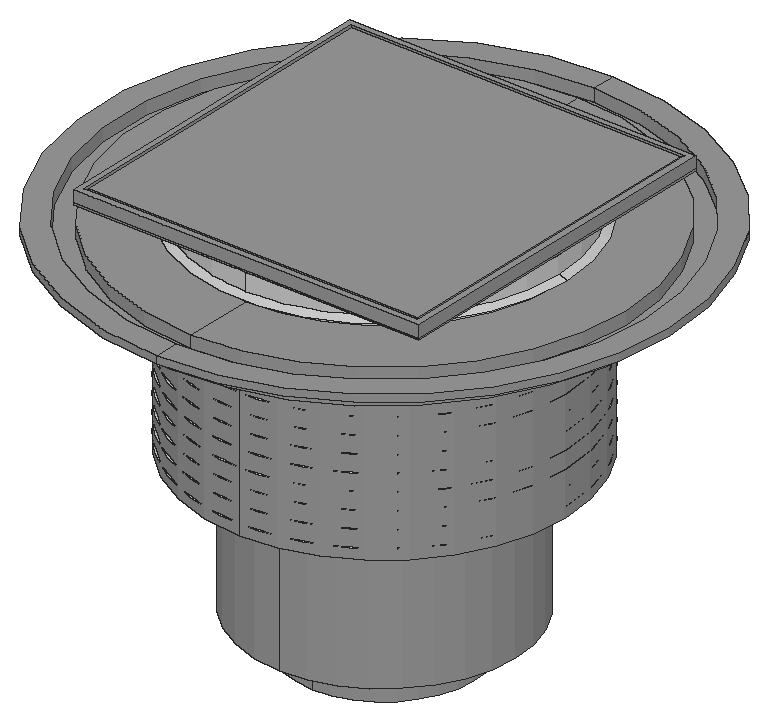
Revit family "HL_Трап для внутренних помещений_HL3100Pr", category Instalační zařizovací předměty, Revit 2016
Family settings
  Typ součásti = Normální
  Kóta kulaté spojky = Použít průměr
  Číslo OmniClass = 23.70.50.21.24.14
  Nadpis OmniClass = Deck Waste Water Drains
  Založené na pracovní rovině = Ne
  Vždy vertikální = Ano
  Ořezat dutým tvarem při načtení = Ne
  Sdílené = Ano
  Bod výpočtu místnosti = Ano
Parameters (values of type "HL3100Pr")
  РЕШЁТКА = "138 x 138 mm / V2A"
  РАЗМЕР = "DN50/75/110"
  ПРОПУСКНАЯ СПОСОБНОСТЬ = 0.8 L/s
  ПРОИЗВОДИТЕЛЬНОСТЬ = "0,8 l/s"
  ПРАВОВАЯ ИНФОРМАЦИЯ = "Авторские права(©), права на дизайн или какие либо другие права интелектуальной собственности являются исключительной собственностью компании HL Hutterer & Lechner. Изменению не подлежит. Файл семейства с данными о прозводителе изделия защищен паролем с водяным знаком."  # constant formula
  НОМИНАЛЬНЫЙ ДИАМЕТР [instance] = 50 mm
  НАСАДКА = "8-80 mm / 145 x 145 mm / PP-V4A"
  МАТЕРИАЛ = "PE"
  МАКСИМАЛЬНАЯ НАГРУЗКА КЛАССА = "K3 - 300kg"
  ВЫСОТА МОНТАЖА = "170mm"
  ВЕС = "1,07 [kg]"
  Připojení ventilace = no
  Výrobce = "HL Hutterer & Lechner GmbH"  # constant formula
  URL = "http://www.hutterer-lechner.com/ru/products/catalog/floor-drains/attachments/HL3100pr.aspx"
  Připojení odpadu = yes
  Připojení HW = no
  Popis = "Трапы для внутренних помещений"
  Model = "HL3100Pr"
  Komentáře k typům = "HL3100Pr Трап для внутренних помещений DN50/75/110 вертикальный с \"СУХИМ\" сифоном Primus, 145x145 мм система крепления решётки Klick-Klack/138x138 мм"
  Keynote = "HL3100Pr"
  Высота монтажа [instance] = 177.746 mm
  EAN = "9003076025435"
  DN_test [instance] = if(or(НОМИНАЛЬНЫЙ ДИАМЕТР = 50 mm, НОМИНАЛЬНЫЙ ДИАМЕТР = 75 mm, НОМИНАЛЬНЫЙ ДИАМЕТР = 110 mm), 30 mm, 0 mm)  # 30 mm
  Připojení CW = no
  B [instance] = if(НОМИНАЛЬНЫЙ ДИАМЕТР = 110 mm, Высота монтажа - 14.8 mm, Высота монтажа)  # 177.746 mm
  A [instance] = if(B - 100 mm > 15 mm, B - 100 mm, 15 mm)  # 77.746 mm
Reference planes
  plane 1 "Center (Front/Back)": y = 0
  plane 2: z = 0
  plane 3 "Center (Left/Right)": x = 0
  plane 4 "Ball Joint Vertical": x = 25.45
  plane 5: z = -177.746
  plane 6: z = -177.746
Lines and regions (mm)
  model lines, style "InvisibleLines"
    curve 1: line (0, 0, 0) -> (0, 0, 1000)
  reference lines
    curve 2: line (0, 0, 0) -> (0, 0, -177.746)
  model lines, detail levels coarse+medium
    curve 3: line (0, 0, -177.746) -> (0, 0, -100)
    curve 4: line (0, 0, -100) -> (100, 0, 0)
    curve 5: line (0, 0, -100) -> (-100, 0, 0)
  symbolic lines, detail levels coarse+medium
    curve 6: line (-75, 75, 0) -> (75, 75, 0)
    curve 7: line (-75, -75, 0) -> (-75, 75, 0)
    curve 8: line (75, -75, 0) -> (-75, -75, 0)
    curve 9: line (75, 75, 0) -> (75, -75, 0)
    curve 10: line (75, 75, 0) -> (145.711, 145.711, 0)
    curve 11: line (75, -75, 0) -> (145.711, -145.711, 0)
    curve 12: line (-75, 75, 0) -> (-145.711, 145.711, 0)
    curve 13: line (-75, -75, 0) -> (-145.711, -145.711, 0)
  symbolic lines, not visible, detail levels coarse+medium
    curve 14: line (-75, 75, 0) -> (75, 75, 0)
    curve 15: line (-75, -75, 0) -> (-75, 75, 0)
    curve 16: line (75, -75, 0) -> (-75, -75, 0)
    curve 17: line (75, 75, 0) -> (75, -75, 0)
    curve 18: line (75, 75, 0) -> (145.711, 145.711, 0)
    curve 19: line (75, -75, 0) -> (145.711, -145.711, 0)
    curve 20: line (-75, 75, 0) -> (-145.711, 145.711, 0)
    curve 21: line (-75, -75, 0) -> (-145.711, -145.711, 0)
  symbolic lines, style "InvisibleLines", not visible
    curve 22: line (0, 0, 0) -> (0, 0, -30)
Text (mm)
  text "FLOOR" at (-201.938, 0, -16.676), in view "Drain Construction View"
Dimensions and locks
  locked: plane 4 "Ball Joint Vertical" to plane 3 "Center (Left/Right)" at 25.45
  "Высота монтажа": plane 2 to plane 5
  "A": curve 5 to plane 6
  "B": curve 5 to plane 6
  "B": curve 4 to plane 6
  "B": plane 2 to plane 6
  "DN_test": curve 22 to curve 22
  locked: curve 4 to plane 3 "Center (Left/Right)" (angle 45.00°)
  locked: plane 3 "Center (Left/Right)" to curve 5 (angle 45.00°)
  aligned and locked: level to plane 2
  aligned and locked: plane 2 to curve 1
  aligned and locked: plane 3 "Center (Left/Right)" to curve 1
  aligned and locked: plane 3 "Center (Left/Right)" to curve 2
  aligned and locked: plane 3 "Center (Left/Right)" to curve 3
  aligned and locked: plane 3 "Center (Left/Right)" to curve 5
  aligned and locked: nested 2 to plane 5
  aligned and locked: plane 2 to curve 2
  aligned and locked: plane 6 to curve 2
Automatic sketch dimensions
  curve 3 to plane 5 = 0 mm
  level to curve 1 = 1000 mm
Nested families
  nested 1: "HL_Насадная деталь_HL03910.2E" at (0, 0, 0), type "HL03910.2E_Main Component"
    with Высота монтажа 80 mm, RN 13, RL 84.5 mm, R yes, NL_Test yes, NL 100 mm
  nested 2: "HL_Корпус для трапа внутренних помещений_HL3100K" at (0, 0, -16.339), type "HL3100K_Main Component"
  nested 3: "HL_Вкладыш сифона_HL2100" at (0, 0, -5), type "HL2100_Main Component"
  nested 4: "HL_Решётка_HL03910.1E" at (0, 0, 0), type "HL03910.1E_Main Component"
Connectors
  piping at (0, 0, -177.746), diameter 50, driven by "ПРОПУСКНАЯ СПОСОБНОСТЬ", driven by "НОМИНАЛЬНЫЙ ДИАМЕТР"
    settings: on curve 2, index 1, connector inside diameter 609.6 mm, connector length 0 mm, flow factor 0, pipe flow 0.8 L/s, pressure drop 0.0 Pa, fitting loss kfactor 0, connector angle 0.00°, fixture units 0, engagement length 0 mm, angle of deflection 0.00°, flow configuration 1, flow direction 2, fitting loss method 0, system type 16, joint type 0, gender type 0, connector reference index -1, connector utility 0, adjustable connector no, is connector primary yes, connector description ""
Definition of nested family "HL_Насадная деталь_HL03910.2E"
  Parameters (values of type "HL03910.2E")
    РАЗМЕР = "d 146 mm"
    ПРАВОВАЯ ИНФОРМАЦИЯ = "Авторские права(©), права на дизайн или какие либо другие права интелектуальной собственности являются исключительной собственностью компании HL Hutterer & Lechner. Изменению не подлежит. Файл семейства с данными о прозводителе изделия защищен паролем с водяным знаком."  # constant formula
    НАСАДКА = "145 x 145 mm"
    МАТЕРИАЛ = "PP-V4A"
    Высота монтажа [instance] = 80 mm
    ВЫСОТА МОНТАЖА = "8 - 80 mm"
    ВЕС = "0,25 [kg]"
    Waste Connection = yes
    Vent Connection = no
    RD = 6.5 mm  # constant formula
    R [instance] = ((Высота монтажа - NL_Min) / RD - 1) > 2  # yes
    RL [instance] = if(Высота монтажа < 15 mm, 1 mm, RD * RN)  # 84.5 mm
    NL_Test [instance] = and(or(Высота монтажа < NL_Max, Высота монтажа = NL_Max), or(Высота монтажа > NL_Min, Высота монтажа = NL_Min))  # yes
    NL_Min = 8 mm
    NL_Max = 80 mm
    NL [instance] = if(NL_Test, Высота монтажа + 20 mm, 0 mm)  # 100 mm
    RN [instance] = if((Высота монтажа + 20 mm - NL_Min) / RD - 1 < 2, 2, (Высота монтажа + 20 mm - NL_Min) / RD - 1)  # 13
    Manufacturer = "HL Hutterer & Lechner GmbH"  # constant formula
    URL = "http://www.hutterer-lechner.com/ru/products/catalog/floor-drains/attachments/HL03910.2e.aspx"
    HW Connection = no
    Description = "Трапы для внутренних помещений - Комплектующие"
    Model = "HL03910.2E"
    Type Comments = "HL03910.2E Насадной подрамник ? 146 мм/подрамники из нержавеющей стали 145х145 мм с уплотнительным кольцом. Система крепления Klick-Klack"
    Keynote = "HL03910.2E"
    EAN = "9003076025626"
    CW Connection = no
  Reference planes
    plane 1 "Center (Front/Back)": y = 0
    plane 2: z = 0
    plane 3 "Center (Left/Right)": x = 0
    plane 4 "Ball Joint Vertical": x = 25.45
    plane 5: z = -100
  Forms (mm)
    Revolve 1, solid, detail levels fine
      sketch origin (0, 0, 0) x (0, 1, 0) y (0, 0, 1)
        loop
          line (72.9, -100) -> (72.9, -5.7) -> (67.492, -5.7) -> (67.492, -100) -> (72.9, -100)
        axis (0, -5.7) -> (0, -100)
      angle from 0 to 360
    Extrusion 2, solid, detail levels fine
      sketch origin (0, 0, 0) x (1, 0, 0) y (0, 1, 0)
        loop
          circle (0, 0) r 67.492
        loop
          line (-72.5, 72.5) -> (-72.5, -72.5) -> (72.5, -72.5) -> (72.5, 72.5) -> (-72.5, 72.5)
      from -5 to -5.7
    Sweep 3, solid, detail levels fine
      path origin (0, 0, 0) x (1, 0, 0) y (0, 1, 0)
        loop
          line (-72.5, 72.5) -> (-72.5, -72.5) -> (72.5, -72.5) -> (72.5, 72.5) -> (-72.5, 72.5)
      profile origin (0, 72.5, 0) x (0, 1, 0) y (0, 0, 1)
        loop
          line (0, 0) -> (-2.5, 0) -> (-2.5, -5) -> (0, -5) -> (0, 0)
  Lines and regions (mm)
    symbolic lines
      curve 1: line (0, 0, -100) -> (0, 0, 0)
  Text (mm)
    text "ROOF/FLOOR" at (-198.233, 0, -26.556), in view "Drain Construction View"
  Dimensions and locks
    locked: plane 4 "Ball Joint Vertical" to plane 3 "Center (Left/Right)" at 25.45
    "NL": plane 2 to plane 5
    equal spacing: group 1, group 3, group 4, group 5, group 6, group 7, group 8, group 9, group 10, group 11, group 12, group 13, group 2  (x3)
    "RL": nested 2 to nested 1
    locked: nested 1 to plane 5 at 1.516
    aligned and locked: level to plane 2
    aligned and locked: plane 3 "Center (Left/Right)" to nested 1
    aligned and locked: plane 1 "Center (Front/Back)" to nested 1
    aligned and locked: plane 2 to curve 1
    aligned and locked: plane 5 to curve 1
    aligned and locked: plane 5 to Revolve 1
  Automatic sketch dimensions
    curve 1 to plane 4 "Ball Joint Vertical" = 25.45 mm
    Revolve 1 sketch curve to plane 1 "Center (Front/Back)" = 0 mm
    Revolve 1 sketch curve to level = 5.7 mm
    Revolve 1 sketch curve to plane 1 "Center (Front/Back)" = 67.492 mm
    Revolve 1 sketch curve to plane 5 = 0 mm
    Revolve 1 sketch curve to Revolve 1 sketch curve = 445.992 mm
    level to Revolve 1 sketch curve = 2741.474 mm
    Extrusion 2 sketch curve to Extrusion 2 sketch curve = 0 mm  (x2)
    plane 1 "Center (Front/Back)" to Extrusion 2 sketch curve = 0 mm
    Extrusion 2 sketch curve to plane 3 "Center (Left/Right)" = 0 mm
    Extrusion 2 sketch curve to plane 3 "Center (Left/Right)" = 72.5 mm
    plane 4 "Ball Joint Vertical" to Extrusion 2 sketch curve = 47.05 mm
    plane 1 "Center (Front/Back)" to Extrusion 2 sketch curve = 72.5 mm
    Extrusion 2 sketch curve to plane 1 "Center (Front/Back)" = 72.5 mm
    plane 1 "Center (Front/Back)" to Extrusion 2 sketch curve = 67.492 mm
    Sweep 3 sketch curve to plane 3 "Center (Left/Right)" = 72.5 mm
    plane 4 "Ball Joint Vertical" to Sweep 3 sketch curve = 47.05 mm
    plane 1 "Center (Front/Back)" to Sweep 3 sketch curve = 72.5 mm
    Sweep 3 sketch curve to plane 1 "Center (Front/Back)" = 72.5 mm
    Sweep 3 sketch curve to profile plane = 0 mm  (x2)
    profile plane to Sweep 3 sketch curve = 2.5 mm
    Sweep 3 sketch curve to profile plane = 5 mm
    Revolve 1 sketch curve to Revolve 1 sketch curve = 5.408 mm
  Nested families
    nested 1: "Ring" at (0, 0, -98.484), visible <- "R", type "Ring"
      with R 72.9 mm, D 145.8 mm
    nested 2: "Ring" at (0, 0, -13.984), visible <- "R", type "Ring"
      with R 72.9 mm, D 145.8 mm
    nested 3: "Ring" at (0, 0, -91.442), visible <- "R", type "Ring"
      with R 72.9 mm, D 145.8 mm
    nested 4: "Ring" at (0, 0, -84.401), visible <- "R", type "Ring"
      with R 72.9 mm, D 145.8 mm
    nested 5: "Ring" at (0, 0, -77.359), visible <- "R", type "Ring"
      with R 72.9 mm, D 145.8 mm
    nested 6: "Ring" at (0, 0, -70.317), visible <- "R", type "Ring"
      with R 72.9 mm, D 145.8 mm
    nested 7: "Ring" at (0, 0, -63.276), visible <- "R", type "Ring"
      with R 72.9 mm, D 145.8 mm
    nested 8: "Ring" at (0, 0, -56.234), visible <- "R", type "Ring"
      with R 72.9 mm, D 145.8 mm
    nested 9: "Ring" at (0, 0, -49.192), visible <- "R", type "Ring"
      with R 72.9 mm, D 145.8 mm
    nested 10: "Ring" at (0, 0, -42.151), visible <- "R", type "Ring"
      with R 72.9 mm, D 145.8 mm
    nested 11: "Ring" at (0, 0, -35.109), visible <- "R", type "Ring"
      with R 72.9 mm, D 145.8 mm
    nested 12: "Ring" at (0, 0, -28.067), visible <- "R", type "Ring"
      with R 72.9 mm, D 145.8 mm
    nested 13: "Ring" at (0, 0, -21.026), visible <- "R", type "Ring"
      with R 72.9 mm, D 145.8 mm
  Definition of nested family "Ring"
    Parameters (values of type "Ring")
      Manufacturer = ""
      URL = ""
      R = D / 2  # 51.5 mm
      Description = ""
      Model = ""
      Material = none
      Type Comments = ""
      D = 103 mm
      Cost = 0
    Reference planes
      plane 1 "Střed (vpředu/vzadu)": y = 0
      plane 2: z = 0
      plane 3 "Střed (vlevo/vpravo)": x = 0
    Forms (mm)
      Revolve 1, solid, material <- "Material", detail levels fine
        sketch origin (0, 0, 0) x (1, 0, 0) y (0, 0, 1)
          loop
            line (-51.5, 1.482) -> (-54.764, 0) -> (-51.5, -1.516) -> (-51.5, 1.482)
          axis (0, 1.482) -> (0, -1.516)
        angle from 0 to 360
    Dimensions and locks
      "R": Revolve 1 sketch curve to plane 3 "Střed (vlevo/vpravo)"
      aligned and locked: level to plane 2
      aligned and locked: Revolve 1 sketch curve to plane 3 "Střed (vlevo/vpravo)"
    Automatic sketch dimensions
      Revolve 1 sketch curve to level = 0 mm
      Revolve 1 sketch curve to Revolve 1 sketch curve = 3.264 mm
      Revolve 1 sketch curve to level = 1.516 mm
      level to Revolve 1 sketch curve = 1.482 mm
      Revolve 1 sketch curve to level = 381 mm
      Revolve 1 sketch curve to Revolve 1 sketch curve = 2212.833 mm
Definition of nested family "HL_Корпус для трапа внутренних помещений_HL3100K"
  Parameters (values of type "HL3100K")
    РАЗМЕР = "DN50/75/110"
    ПРАВОВАЯ ИНФОРМАЦИЯ = "Авторские права(©), права на дизайн или какие либо другие права интелектуальной собственности являются исключительной собственностью компании HL Hutterer & Lechner. Изменению не подлежит. Файл семейства с данными о прозводителе изделия защищен паролем с водяным знаком."  # constant formula
    МАТЕРИАЛ = "PE"
    ВЫСОТА МОНТАЖА = "162 mm"
    ВЕС = "0,45 [kg]"
    Waste Connection = yes
    Vent Connection = no
    Manufacturer = "HL Hutterer & Lechner GmbH"  # constant formula
    URL = "http://www.hutterer-lechner.com/ru/products/catalog/floor-drains/attachments/HL3100k.aspx"
    HW Connection = no
    Description = "Трапы для внутренних помещений - Комплектующие"
    Model = "HL3100K"
    Type Comments = "HL3100K Корпус для трапа внутренних помещений DN50/75/110 вертикальный"
    Keynote = "HL3100K"
    EAN = "9003076025510"
    CW Connection = no
  Reference planes
    plane 1 "Center (Front/Back)": y = 0
    plane 2: z = 0
    plane 3 "Center (Left/Right)": x = 0
    plane 4 "Ball Joint Vertical": x = 25.45
  Forms (mm)
    Revolve 1, solid, detail levels fine
      sketch origin (0, 0, 0) x (0, 1, 0) y (0, 0, 1)
        loop
          line (119.5, 0) -> (109.5, 0) -> (109.5, -5.224) -> (101.35, -5.224) -> (101.35, 0) -> (72.99, 0) -> (72.99, -83.661) -> (52.566, -83.661) -> (37.468, -103.337) -> (22, -103.337) -> (22, -161.407) -> (25, -161.407) -> (25, -106.289) -> (34.5, -106.289) -> (34.5, -161.407) -> (37.5, -161.407) -> (37.5, -108.224) -> (52, -89.327) -> (52, -146.644) -> (55, -146.644) -> (55, -86.614) -> (76, -86.614) -> (76, -8.177) -> (112.402, -8.177) -> (112.402, -3.004) -> (119.5, -3.004) -> (119.5, 0)
        axis (0, 0) -> (0, -161.407)
      angle from 0 to 360
  Text (mm)
    text "ROOF/FLOOR" at (-198.233, 0, -26.556), in view "Drain Construction View"
  Dimensions and locks
    locked: plane 4 "Ball Joint Vertical" to plane 3 "Center (Left/Right)" at 25.45
    aligned and locked: level to plane 2
Definition of nested family "HL_Вкладыш сифона_HL2100"
  Parameters (values of type "HL2100")
    ПРАВОВАЯ ИНФОРМАЦИЯ = "Авторские права(©), права на дизайн или какие либо другие права интелектуальной собственности являются исключительной собственностью компании HL Hutterer & Lechner. Изменению не подлежит. Файл семейства с данными о прозводителе изделия защищен паролем с водяным знаком."  # constant formula
    МАТЕРИАЛ = "PP/ABS"
    ВЕС = "0,18 [kg]"
    Waste Connection = yes
    Vent Connection = no
    Manufacturer = "HL Hutterer & Lechner GmbH"  # constant formula
    URL = "http://www.hutterer-lechner.com/ru/products/catalog/floor-drains/attachments/HL2100.aspx"
    HW Connection = no
    Description = "Трапы для внутренних помещений - Комплектующие"
    Model = "HL2100"
    Type Comments = "HL2100 \"СУХОЙ\" сифон Primus для HL3100Pr и HL5100Pr"
    Keynote = "HL2100"
    EAN = "9003076025619"
    CW Connection = no
  Reference planes
    plane 1 "Center (Front/Back)": y = 0
    plane 2: z = 0
    plane 3 "Center (Left/Right)": x = 0
    plane 4 "Ball Joint Vertical": x = 25.45
  Forms (mm)
    Revolve 1, solid, detail levels fine
      sketch origin (0, 0, 0) x (0, 1, 0) y (0, 0, 1)
        loop
          line (63.897, -81) -> (63.897, -15) -> (66.997, -14.729) -> (66.997, -2) -> (69.571, -2) -> (69.571, 0) -> (61.997, 0) -> (61.997, -79) -> (22.497, -79) -> (22.497, -26) -> (20.497, -26) -> (20.497, -81) -> (63.897, -81)
        axis (0, 0) -> (0, -81)
      angle from 0 to 360
    Revolve 2, solid, detail levels fine
      sketch origin (0, 0, 0) x (0, 1, 0) y (0, 0, 1)
        loop
          arc (66.997, -11.181) -> (68.413, -9.26) -> (66.997, -7.34) r 2.01
          line (66.997, -7.34) -> (66.997, -11.181)
        axis (0, -7.34) -> (0, -11.181)
      angle from 0 to 360
    Revolve 3, solid, detail levels fine
      sketch origin (0, 0, 0) x (0, 1, 0) y (0, 0, 1)
        loop
          line (54.95, -24.5) -> (0, -24.5) -> (0, -26) -> (31.3, -26) -> (31.3, -79) -> (54.95, -79) -> (54.95, -24.5)
        axis (0, -24.5) -> (0, -79)
      angle from 0 to 360
    Extrusion 4, solid, detail levels fine
      sketch origin (0, 0, 0) x (1, 0, 0) y (0, 1, 0)
        loop
          line (15.556, 25.173) -> (25.173, 15.556) -> (29.698, 20.082) -> (20.082, 29.698) -> (15.556, 25.173)
        loop
          line (-15.556, -25.173) -> (-25.173, -15.556) -> (-29.698, -20.082) -> (-20.082, -29.698) -> (-15.556, -25.173)
      from -79 to -90
    Extrusion 5, solid, detail levels fine
      sketch origin (0, 0, 0) x (1, 0, 0) y (0, 1, 0)
        loop
          circle (0, 0) r 35.851
      from -92 to -90
  Cuts and joins
    joined: Revolve 1, Extrusion 4, Extrusion 5
  Text (mm)
    text "ROOF/FLOOR" at (-198.233, 0, -26.556), in view "Drain Construction View"
  Dimensions and locks
    locked: plane 4 "Ball Joint Vertical" to plane 3 "Center (Left/Right)" at 25.45
    aligned and locked: level to plane 2
Definition of nested family "HL_Решётка_HL03910.1E"
  Parameters (values of type "HL03910.1E")
    РАЗМЕР = "138x138mm"
    ПРАВОВАЯ ИНФОРМАЦИЯ = "Авторские права(©), права на дизайн или какие либо другие права интелектуальной собственности являются исключительной собственностью компании HL Hutterer & Lechner. Изменению не подлежит. Файл семейства с данными о прозводителе изделия защищен паролем с водяным знаком."  # constant formula
    МАКСИМАЛЬНАЯ НАГРУЗКА КЛАССА = "K3 - 300 kg"
    ВЕС = "0,22 [kg]"
    Waste Connection = yes
    Vent Connection = no
    Manufacturer = "HL Hutterer & Lechner GmbH"  # constant formula
    URL = "http://www.hutterer-lechner.com/ru/Products/catalog/floor-drains/attachments/HL03910.1E.aspx"
    HW Connection = no
    Description = "Трапы для внутренних помещений - Комплектующие"
    Model = "HL03910.1E"
    Type Comments = "HL03910.1E Решётка из нержавеющей стали 138х138 мм"
    Keynote = "HL03910.1E"
    EAN = "9003076025633"
    CW Connection = no
  Reference planes
    plane 1 "Center (Front/Back)": y = 0
    plane 2: z = 0
    plane 3 "Center (Left/Right)": x = 0
    plane 4 "Ball Joint Vertical": x = 25.45
  Forms (mm)
    Extrusion 1, solid, detail levels fine
      sketch origin (0, 0, 0) x (1, 0, 0) y (0, 1, 0)
        loop
          line (-69, 69) -> (-69, -69) -> (69, -69) -> (69, 69) -> (-69, 69)
      from 0 to -5
  Lines and regions (mm)
    model lines, detail levels fine
      curve 1: arc (30.966, 53.713, 0) -> (0, 62, 0) -> (-30.966, 53.713, 0) r 62
      curve 2: arc (26.97, 46.783, 0) -> (0, 54, 0) -> (-26.97, 46.783, 0) r 54
      curve 3: arc (-19.637, 37.127, 0) -> (0, 42, 0) -> (19.637, 37.127, 0) r 42
      curve 4: arc (-15.897, 30.055, 0) -> (0, 34, 0) -> (15.897, 30.055, 0) r 34
      curve 5: arc (15.897, 30.055, 0) -> (21.303, 31.72, 0) -> (19.637, 37.127, 0) r 4
      curve 6: arc (-15.897, 30.055, 0) -> (-21.303, 31.72, 0) -> (-19.637, 37.127, 0) r 4
      curve 7: arc (-30.966, 53.713, 0) -> (-32.433, 48.25, 0) -> (-26.97, 46.783, 0) r 4
      curve 8: arc (26.97, 46.783, 0) -> (32.433, 48.25, 0) -> (30.966, 53.713, 0) r 4
      curve 9: arc (53.713, 30.966, 0) -> (62, 0, 0) -> (53.713, -30.966, 0) r 62
      curve 10: arc (46.783, 26.97, 0) -> (54, 0, 0) -> (46.783, -26.97, 0) r 54
      curve 11: arc (46.783, 26.97, 0) -> (48.25, 32.433, 0) -> (53.713, 30.966, 0) r 4
      curve 12: arc (53.713, -30.966, 0) -> (48.25, -32.433, 0) -> (46.783, -26.97, 0) r 4
      curve 13: arc (37.127, -19.637, 0) -> (42, 0, 0) -> (37.127, 19.637, 0) r 42
      curve 14: arc (30.055, -15.897, 0) -> (34, 0, 0) -> (30.055, 15.897, 0) r 34
      curve 15: arc (30.055, 15.897, 0) -> (31.72, 21.303, 0) -> (37.127, 19.637, 0) r 4
      curve 16: arc (30.055, -15.897, 0) -> (31.72, -21.303, 0) -> (37.127, -19.637, 0) r 4
      curve 17: arc (15.897, -30.055, 0) -> (0, -34, 0) -> (-15.897, -30.055, 0) r 34
      curve 18: arc (19.637, -37.127, 0) -> (0, -42, 0) -> (-19.637, -37.127, 0) r 42
      curve 19: arc (15.897, -30.055, 0) -> (21.303, -31.72, 0) -> (19.637, -37.127, 0) r 4
      curve 20: arc (-15.897, -30.055, 0) -> (-21.303, -31.72, 0) -> (-19.637, -37.127, 0) r 4
      curve 21: arc (26.97, -46.783, 0) -> (0, -54, 0) -> (-26.97, -46.783, 0) r 54
      curve 22: arc (30.966, -53.713, 0) -> (0, -62, 0) -> (-30.966, -53.713, 0) r 62
      curve 23: arc (-30.966, -53.713, 0) -> (-32.433, -48.25, 0) -> (-26.97, -46.783, 0) r 4
      curve 24: arc (26.97, -46.783, 0) -> (32.433, -48.25, 0) -> (30.966, -53.713, 0) r 4
      curve 25: arc (-30.055, 15.897, 0) -> (-34, 0, 0) -> (-30.055, -15.897, 0) r 34
      curve 26: arc (-37.127, 19.637, 0) -> (-42, 0, 0) -> (-37.127, -19.637, 0) r 42
      curve 27: arc (-30.055, -15.897, 0) -> (-31.72, -21.303, 0) -> (-37.127, -19.637, 0) r 4
      curve 28: arc (-30.055, 15.897, 0) -> (-31.72, 21.303, 0) -> (-37.127, 19.637, 0) r 4
      curve 29: arc (-46.783, 26.97, 0) -> (-54, 0, 0) -> (-46.783, -26.97, 0) r 54
      curve 30: arc (-53.713, 30.966, 0) -> (-62, 0, 0) -> (-53.713, -30.966, 0) r 62
      curve 31: arc (-46.783, 26.97, 0) -> (-48.25, 32.433, 0) -> (-53.713, 30.966, 0) r 4
      curve 32: arc (-53.713, -30.966, 0) -> (-48.25, -32.433, 0) -> (-46.783, -26.97, 0) r 4
    model lines
      curve 33: line (0, 0, 0) -> (0, 0, 100)
  Text (mm)
    text "ROOF/FLOOR" at (-198.233, 0, -26.556), in view "Drain Construction View"
  Dimensions and locks
    locked: plane 4 "Ball Joint Vertical" to plane 3 "Center (Left/Right)" at 25.45
    aligned and locked: level to plane 2
